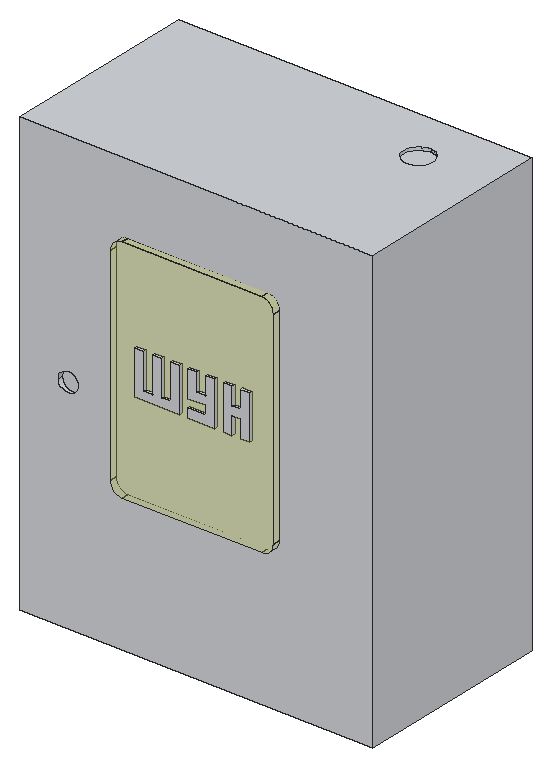
Revit family "ШУН-М", category Оборудование, Revit 2020
Family settings
  Размер круглого соединителя = Использовать диаметр
  Классификация = Нет
  Тип детали = Нормальный
  На основе рабочей плоскости = Нет
  Всегда вертикально = Да
  При загрузке вырезать с полостями = Нет
  Общий = Нет
  Точка расчета площади = Нет
Parameters (values of type "ШУН-М_IP54_DEK_0,37-5,5кВт")
  расст замок верт = 250 mm
  Ширина [instance] = 400 mm
  Расст вывода3 от левой стенки = 270 mm
  Расст замок = 55 mm
  Расст вывода2 от левой стенки = 210 mm
  Расст вывода от левой стенки = 150 mm
  Расст вывода от задней стенки = 55 mm
  Расст ПУШ от верхней стенки = 80 mm
  Расст ввод от задней стенки = 60 mm
  Расст ввод от левой стенки = 320 mm
  Расст ПУШ от левой стенки = 110 mm
  Отметка по умолчанию = 0 mm
  Описание = "ШУН-М предназначен для управления одно/трехфазным электродвигателем насоса систем водяного, пенного пожаротушения и противопожарного водопровода в режиме «Местный пуск» с лицевой панели ШУН-М или по сигналам любого модуля управления в режиме «Автоматический пуск» с отображением состояния насоса при помощи световой индикации и с передачей сигналов состояния на модуль управления."
  Назв гориз ПУШ = 210 mm
  Комментарии к типоразмеру = "Ш2/IP54/DEK"
  Изготовитель = "ООО \"Плазма-Т\""
  Группа модели = "ШУН-М-М"
  Глубина [instance] = 225 mm
  Высота [instance] = 500 mm
  URL = "https://plazma-t.ru/"
Types (11, lengths in mm): name | расст замок верт | Ширина | Расст вывода3 от левой стенки | Расст замок | Расст вывода2 от левой стенки | Расст вывода от левой стенки | Расст вывода от задней стенки | Расст ПУШ от верхней стенки | Расст ввод от задней стенки | Расст ввод от левой стенки | Расст ПУШ от левой стенки | Назв гориз ПУШ | Комментарии к типоразмеру | Глубина | Высота
  ШУН-М_SE_АВВ_0,37-5.5кВт | 250 | 405 | 320 | 360 | 240 | 160 | 100 | 100 | 85 | 150 | 80 | 120 | "Ш2/ABB" | 204 | 505
  ШУН-М_IP54_DEK_0,37-5,5кВт | 250 | 400 | 270 | 55 | 210 | 150 | 55 | 80 | 60 | 320 | 110 | 210 | "Ш2/IP54/DEK" | 225 | 500
  ШУН-М_IP31_DEK_0,37-5,5кВт | 250 | 400 | 270 | 55 | 210 | 150 | 55 | 80 | 60 | 320 | 110 | 210 | "Ш2/IP31/DEK" | 200 | 500
  ШУН-М_SE_АВВ_7,5-22кВт | 350 | 500 | 235 | 450 | 175 | 115 | 125 | 130 | 100 | 185 | 140 | 120 | "Ш3/ABB" | 250 | 700
  ШУН-М_DEK _ 30-55кВт | 400 | 650 | 345 | 55 | 285 | 225 | 125 | 110 | 60 | 245 | 340 | 210 | "Ш4/DEK" | 250 | 800
  ШУН-М_SE_АВВ_30-55кВт | 400 | 600 | 270 | 550 | 210 | 150 | 125 | 110 | 100 | 230 | 220 | 120 | "Ш4/ABB" | 250 | 800
  ШУН-М_SE_АВВ_250кВт | 900 | 800 | 500 | 750 | 400 | 300 | 200 | 400 | 100 | 355 | 308 | 120 | "Ш8/ABB" | 400 | 1800
  ШУН-М_DEK _ 75-200кВт | 600 | 750 | 480 | 55 | 380 | 280 | 125 | 350 | 60 | 400 | 410 | 210 | "Ш6/DEK" | 300 | 1200
  ШУН-М_SE_АВВ_75-200кВт | 600 | 800 | 430 | 750 | 330 | 230 | 100 | 230 | 130 | 540 | 250 | 120 | "Ш6/ABB" | 300 | 1200
  ШУН-М_DEK _ 7,5-22кВт | 300 | 500 | 320 | 55 | 260 | 200 | 60 | 110 | 60 | 330 | 220 | 210 | "Ш3/DEK" | 220 | 650
  ШУН-М_DEK _ 250кВт | 1000 | 800 | 480 | 70 | 380 | 280 | 125 | 380 | 150 | 400 | 308 | 210 | "Ш20/DEK" | 450 | 2000
Reference planes
  plane 1 "По центру (Вперед/Назад)": y = 0
  plane 2: z = 0
  plane 3 "По центру (Влево/Вправо)": x = 0
  plane 4: y = -9
Forms (mm)
  Extrusion 1, solid
    sketch origin (0, 0, 0) x (1, 0, 0) y (0, 1, 0)
      loop
        line (0, 0) -> (400, 0) -> (400, 225) -> (0, 225) -> (0, 0)
    from 0 to 500
  Extrusion 2, solid, material "Источник света по умолчанию"
    sketch origin (0, 0, 0) x (1, 0, 0) y (0, 0, 1)
      loop
        arc (123, 420) -> (113.808, 416.192) -> (110, 407) r 13
        line (110, 407) -> (110, 173)
        arc (110, 173) -> (113.808, 163.808) -> (123, 160) r 13
        line (123, 160) -> (281.542, 160)
        arc (281.542, 160) -> (290.734, 163.808) -> (294.542, 173) r 13
        line (294.542, 173) -> (294.542, 407)
        arc (294.542, 407) -> (290.734, 416.192) -> (281.542, 420) r 13
        line (281.542, 420) -> (123, 420)
    from 0 to 9
  Extrusion 3, void
    sketch origin (0, 0, 0) x (1, 0, 0) y (0, 0, 1)
      loop
        circle (55, 250) r 11.5
    from 10 to -5.347
  Extrusion 4, void
    sketch origin (0, 0, 500) x (0, 1, 0) y (1, 0, 0)
      loop
        circle (165, 320) r 17
    from 0 to 3
  Extrusion 5, void
    sketch origin (0, 0, 0) x (1, 0, 0) y (0, 1, 0)
      loop
        circle (150, 170) r 17
    from 0 to 3
  Extrusion 6, void
    sketch origin (0, 0, 0) x (1, 0, 0) y (0, 1, 0)
      loop
        circle (210, 170) r 17
    from 0 to 3
  Extrusion 7, void
    sketch origin (0, 0, 0) x (1, 0, 0) y (0, 1, 0)
      loop
        circle (270, 170) r 17
    from 0 to 3
  Extrusion 8, solid
    sketch origin (0, -9, 0) x (1, 0, 0) y (0, 0, 1)
      loop
        line (140.078, 270) -> (190.25, 270) -> (190.25, 320) -> (180.25, 320) -> (180.25, 280) -> (170.25, 280) -> (170.25, 320) -> (160.25, 320) -> (160.25, 280) -> (150.25, 280) -> (150.25, 320) -> (140.078, 320) -> (140.078, 270)
      loop
        line (200.25, 320) -> (200.25, 290) -> (220.25, 290) -> (220.25, 280) -> (200.25, 280) -> (200.25, 270) -> (230.25, 270) -> (230.25, 320) -> (220.25, 320) -> (220.25, 300) -> (210.25, 300) -> (210.25, 320) -> (200.25, 320)
      loop
        line (240.25, 320) -> (240.25, 270) -> (250.25, 270) -> (250.25, 290) -> (260.25, 290) -> (260.25, 270) -> (270.25, 270) -> (270.25, 320) -> (260.25, 320) -> (260.25, 300) -> (250.25, 300) -> (250.25, 320) -> (240.25, 320)
    from 0 to 3
  Extrusion 9, void
    sketch origin (0, 0, 0) x (1, 0, 0) y (0, 1, 0)
      loop
        circle (50, 50) r 17
      loop
        circle (100, 50) r 17
      loop
        circle (150, 50) r 17
      loop
        circle (200, 50) r 17
    from 0 to 3
Cuts and joins
  Extrusion 3, Extrusion 4, Extrusion 5, Extrusion 6, Extrusion 7, Extrusion 9 cuts Extrusion 1
Dimensions and locks
  "Ширина": Extrusion 1 to Extrusion 1
  "Глубина": Extrusion 1 to Extrusion 1
  "Высота": Extrusion 1 to Extrusion 1
  Extrusion 1 to Extrusion 2 sketch curve = 80 mm
  "Расст ПУШ от верхней стенки": Extrusion 1 to Extrusion 2
  "расст замок верт": Extrusion 1 to Extrusion 3 sketch curve
  "Расст замок": Extrusion 1 to Extrusion 3 sketch curve
  "Расст ввод от левой стенки": Extrusion 4 sketch curve to cut or joined group of Extrusion 1, Extrusion 3, Extrusion 4, Extrusion 5, Extrusion 6, Extrusion 7, Extrusion 9
  "Расст ввод от задней стенки": cut or joined group of Extrusion 1, Extrusion 3, Extrusion 4, Extrusion 5, Extrusion 6, Extrusion 7, Extrusion 9 to Extrusion 4 sketch curve
  locked: Extrusion 2 sketch curve to Extrusion 2 sketch curve at 184.542
  locked: Extrusion 2 sketch curve to Extrusion 2 sketch curve at 260
  "Расст ПУШ от левой стенки": cut or joined group of Extrusion 1, Extrusion 3, Extrusion 4, Extrusion 5, Extrusion 6, Extrusion 7, Extrusion 9 to Extrusion 2 sketch curve
  "Расст вывода от левой стенки": cut or joined group of Extrusion 1, Extrusion 3, Extrusion 4, Extrusion 5, Extrusion 6, Extrusion 7, Extrusion 9 to Extrusion 5 sketch curve
  "Расст вывода от задней стенки": cut or joined group of Extrusion 1, Extrusion 3, Extrusion 4, Extrusion 5, Extrusion 6, Extrusion 7, Extrusion 9 to Extrusion 5 sketch curve
  "Расст вывода от задней стенки": cut or joined group of Extrusion 1, Extrusion 3, Extrusion 4, Extrusion 5, Extrusion 6, Extrusion 7, Extrusion 9 to Extrusion 6 sketch curve
  "Расст вывода2 от левой стенки": cut or joined group of Extrusion 1, Extrusion 3, Extrusion 4, Extrusion 5, Extrusion 6, Extrusion 7, Extrusion 9 to Extrusion 6 sketch curve
  "Расст вывода от задней стенки": cut or joined group of Extrusion 1, Extrusion 3, Extrusion 4, Extrusion 5, Extrusion 6, Extrusion 7, Extrusion 9 to Extrusion 7 sketch curve
  "Расст вывода3 от левой стенки": cut or joined group of Extrusion 1, Extrusion 3, Extrusion 4, Extrusion 5, Extrusion 6, Extrusion 7, Extrusion 9 to Extrusion 7 sketch curve
  cut or joined group of Extrusion 1, Extrusion 3, Extrusion 4, Extrusion 5, Extrusion 6, Extrusion 7, Extrusion 9 to cut or joined group of Extrusion 1, Extrusion 3, Extrusion 4, Extrusion 5, Extrusion 6, Extrusion 7, Extrusion 9 = 400 mm
  Extrusion 8 sketch curve to Extrusion 8 sketch curve = 50 mm  (x2)
  Extrusion 8 sketch curve to Extrusion 2 = 160 mm
  Extrusion 8 sketch curve to Extrusion 8 sketch curve = 50.172 mm
  Extrusion 2 to Extrusion 8 sketch curve = 30.078 mm
  Extrusion 8 sketch curve to Extrusion 8 sketch curve = 60.172 mm
  Extrusion 8 sketch curve to Extrusion 8 sketch curve = 30 mm  (x2)
  Extrusion 8 sketch curve to Extrusion 8 sketch curve = 130.172 mm
  cut or joined group of Extrusion 1, Extrusion 3, Extrusion 4, Extrusion 5, Extrusion 6, Extrusion 7, Extrusion 9 to Extrusion 9 sketch curve = 50 mm  (x2)
  Extrusion 9 sketch curve to Extrusion 9 sketch curve to Extrusion 9 sketch curve to Extrusion 9 sketch curve = 50 mm, 50 mm, 50 mm
  diameter of Extrusion 4 sketch curve = 34 mm
  aligned and locked: level to plane 2
  aligned and locked: Extrusion 1 to level
  aligned and locked: Extrusion 1 to plane 3 "По центру (Влево/Вправо)"
  aligned and locked: plane 1 "По центру (Вперед/Назад)" to Extrusion 1
Automatic sketch dimensions
  plane 3 "По центру (Влево/Вправо)" to Extrusion 1 sketch curve = 0 mm
  plane 1 "По центру (Вперед/Назад)" to Extrusion 1 sketch curve = 0 mm
  plane 3 "По центру (Влево/Вправо)" to Extrusion 1 sketch curve = 400 mm
  Extrusion 1 sketch curve to plane 1 "По центру (Вперед/Назад)" = 225 mm
  Extrusion 8 sketch curve to Extrusion 8 sketch curve = 10.172 mm
  Extrusion 8 sketch curve to Extrusion 8 sketch curve = 10 mm  (x14)
  Extrusion 8 sketch curve to Extrusion 8 sketch curve = 0 mm  (x11)
  Extrusion 8 sketch curve to Extrusion 8 sketch curve = 20 mm
  Extrusion 9 sketch curve to plane 1 "По центру (Вперед/Назад)" = 50 mm  (x3)
  Extrusion 2 sketch curve to Extrusion 2 sketch curve = 13 mm  (x4)
  radius of Extrusion 9 sketch curve = 17 mm  (x4)
  radius of Extrusion 3 sketch curve = 11.5 mm
  radius of Extrusion 5 sketch curve = 17 mm
  radius of Extrusion 6 sketch curve = 17 mm
  radius of Extrusion 7 sketch curve = 17 mm
Connectors
  electrical at (320, 165, 497)
    settings: on cut or joined group of Extrusion 1, Extrusion 3, Extrusion 4, Extrusion 5, Extrusion 6, Extrusion 7, Extrusion 9, index 1, voltage 0 V, apparent load 0 VA, apparent load phase1 0 VA, apparent load phase2 0 VA, apparent load phase3 0 VA, power factor 1, load classification "Прочее", number of poles 1, system type 30, power factor state 1, is connector primary yes, connector utility no, sub classification motor no, connector description "380V"
  electrical at (150, 170, 3)
    settings: on cut or joined group of Extrusion 1, Extrusion 3, Extrusion 4, Extrusion 5, Extrusion 6, Extrusion 7, Extrusion 9, index 2, voltage 0 V, apparent load 0 VA, apparent load phase1 0 VA, apparent load phase2 0 VA, apparent load phase3 0 VA, power factor 1, load classification "Прочее", number of poles 1, system type 11, power factor state 1, is connector primary no, connector utility no, sub classification motor no, connector description "шлейф"
  electrical at (210, 170, 3)
    settings: on cut or joined group of Extrusion 1, Extrusion 3, Extrusion 4, Extrusion 5, Extrusion 6, Extrusion 7, Extrusion 9, index 3, voltage 0 V, apparent load 0 VA, apparent load phase1 0 VA, apparent load phase2 0 VA, apparent load phase3 0 VA, power factor 1, load classification "Прочее", number of poles 1, system type 11, power factor state 1, is connector primary no, connector utility no, sub classification motor no, connector description "шлейф"
  electrical at (50, 50, 3)
    settings: on cut or joined group of Extrusion 1, Extrusion 3, Extrusion 4, Extrusion 5, Extrusion 6, Extrusion 7, Extrusion 9, index 4, voltage 0 V, apparent load 0 VA, apparent load phase1 0 VA, apparent load phase2 0 VA, apparent load phase3 0 VA, power factor 1, load classification "Прочее", number of poles 1, system type 13, power factor state 1, is connector primary no, connector utility no, sub classification motor no, connector description "реле"
  electrical at (100, 50, 3)
    settings: on cut or joined group of Extrusion 1, Extrusion 3, Extrusion 4, Extrusion 5, Extrusion 6, Extrusion 7, Extrusion 9, index 5, voltage 0 V, apparent load 0 VA, apparent load phase1 0 VA, apparent load phase2 0 VA, apparent load phase3 0 VA, power factor 1, load classification "Прочее", number of poles 1, system type 13, power factor state 1, is connector primary no, connector utility no, sub classification motor no, connector description "реле"
  electrical at (150, 50, 3)
    settings: on cut or joined group of Extrusion 1, Extrusion 3, Extrusion 4, Extrusion 5, Extrusion 6, Extrusion 7, Extrusion 9, index 6, voltage 0 V, apparent load 0 VA, apparent load phase1 0 VA, apparent load phase2 0 VA, apparent load phase3 0 VA, power factor 1, load classification "Прочее", number of poles 1, system type 13, power factor state 1, is connector primary no, connector utility no, sub classification motor no, connector description "реле"
  electrical at (200, 50, 3)
    settings: on cut or joined group of Extrusion 1, Extrusion 3, Extrusion 4, Extrusion 5, Extrusion 6, Extrusion 7, Extrusion 9, index 7, voltage 0 V, apparent load 0 VA, apparent load phase1 0 VA, apparent load phase2 0 VA, apparent load phase3 0 VA, power factor 1, load classification "Прочее", number of poles 1, system type 13, power factor state 1, is connector primary no, connector utility no, sub classification motor no, connector description "нагрузка 24V"
  electrical at (270, 170, 3)
    settings: on cut or joined group of Extrusion 1, Extrusion 3, Extrusion 4, Extrusion 5, Extrusion 6, Extrusion 7, Extrusion 9, index 8, voltage 0 V, apparent load 0 VA, apparent load phase1 0 VA, apparent load phase2 0 VA, apparent load phase3 0 VA, power factor 1, load classification "Прочее", number of poles 1, system type 11, power factor state 1, is connector primary no, connector utility no, sub classification motor no, connector description "24V или 220V"
